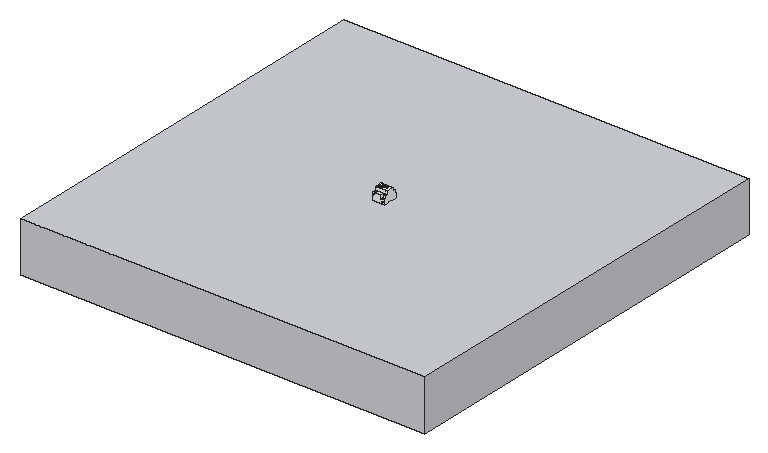
Revit family "GIRA_210800", category Elektroinstallationen, Revit 2017
Family settings
  Basisbauteil = Fläche
  Beschriftungsausrichtung beibehalten = Nein
  Bemaßung runder Anschluss = Durchmesser verwenden
  Teiletyp = Normal
  Beim Laden mit Abzugskörper schneiden = Nein
  Gemeinsam genutzt = Nein
  Raumberechnungspunkt = Nein
Parameters
  Default Elevation = 1219.2 mm
  Vor Ort-/Handbedienung YesNo = yes
  Vor Ort-/Handbedienung = yes
  Ventilschutzfunktion = no
  URL = "https://www.gira.de/"
  Typname = "DALI-Gateway Tunable WH Plus KNX REG"
  Stellgröße stetig = yes
  Stellgröße schaltend = no
  Spannung [Volt] = "[230:230]"
  Schutzart (IP) Text = "IP20"
  Schaltspannung [Volt] = "[110:230]"
  Produktseite = ""
  Parallel-Betrieb möglich = no
  Nebenstelleneingang = yes
  Montageart Text = "REG"
  Modulare Erweiterungsmöglichkeit = yes
  Mit LED-Anzeige YesNo = no
  Mit LED-Anzeige = no
  Mit Busankopplung YesNo = no
  Max. Schaltstrom (Ohmsche Last) = 1.5 A
  Max. Anzahl der Schaltausgänge = 8
  Max. Anzahl der Jalousieausgänge = 4
  Leistungszusatz verwendbar = no
  Lastart = "universal"
  IR-Schnittstelle = no
  Hersteller = "Gira"
  HeinzeBIM = ""
  Handschaltung = yes
  HAN = "210800"
  GTIN = "4010337032878"
  Funk bidirektional YesNo = no
  Funk bidirektional = no
  Frequenz [Hz] = "[50:60]"
  Demontageschutz = no
  Datenblatt = ""
  Bussystem Powernet YesNo = no
  Bussystem LON YesNo = no
  Bussystem KNX-Funk YesNo = no
  Bussystem KNX YesNo = yes
  Bussystem Funkbus YesNo = no
  Busmodul abnehmbar YesNo = no
  Busmodul abnehmbar = no
  Breite in Teilungseinheiten Number = 4
  Breite in Teilungseinheiten = 4
  Beschreibung = "KNX DALI-Gateway Tunable White Plus   Merkmale: - Steuern von Leuchten und anderen Anwendungen mit DALI-Betriebsgerät in KNX Installationen. - Einstellung der Farbtemperatur für Leuchten mit DALI Device Type 8 (Clour Type: Colour Temperatur) für Tunable White gemäß IEC 62386-209. - Kurzschlussschutz, Überspannungsschutz, Überlastschutz. - Schalten und Dimmen von maximal 64 Leuchten mit DALI-Betriebsgeräten. - Bis zu 6 unterschiedliche Adressierungsarten ermöglichen das gruppenorientierte und einzeladressierte Ansteuern von DALI-Leuchten über KNX Telegramme. - Bei Gruppenadressierung stehen bis zu 32 unabhängige DALI-Gruppen zur Verfügung. Diese können um 64 einzeladressierbare DALI-Gerätekanäle ergänzt werden. - Ansteuerung von DALI-Betriebsgeräten des Gerätetyps Colour Control\" (DALI Device Type 8, Colour Type: Colour Temperature) in der spezifischen Ausprägung \"Tunable White (TW)\". Steuerung der Farbtemperatur über relatives oder absolutes Dimmen und zusätzlich über Szenen und Effekte. - Zentralsteuerung aller angeschlossenen DALI-Komponenten möglich (Broadcast). - Handbetätigung unabhängig vom Bus (Baustellenbetrieb mit Broadcast-Steuerung). Steuerung des Schaltzustands und der Helligkeit. - Rückmeldungen von DALI-Fehlerstatus oder DALI-Kurzschluss und Meldung von Ausfall der Versorgungsspannung. - Zentrale Schaltfunktion. - Sammelrückmeldung aller Schaltzustände möglich. - 16 Lichtszenen. - Effektsteuerung zur Realisierung dynamischer Lichtstimmungen. 16 Effekte mit jeweils bis zu 16 Effekt-Schritten. Timer mit dem sich Effekte abhängig von Uhrzeit und Wochentag starten und stoppen lassen. Gruppen- und Gerätefunktionen: - Schalten und Helligkeitswert: Aktive oder passive Rückmeldefunktionen. - Einstellung der Helligkeitsgrenzwerte (Minimal- bzw. Maximalhelligkeit). - Dimmverhalten und Dimmkennlinien parametrierbar. - Lampenschonendes Ein- und Ausschalten. - Sperrfunktion oder Zwangsstellungsfunktion parametrierbar. - Zeitfunktionen (Ein-, Ausschaltverzögerung, Treppenhausfunktion - auch mit Vorwarnfunktion). - Betriebsstundenzähler. - DALI-Power-ON-Level und DALI-System-Failure-Level einstellbar. - Reaktionen bei Busspannungsausfall und -wiederkehr und nach ETS-Programmiervorgang einstellbar. - Steuerung der Farbtemperatur über absolutes Dimmen und relatives Dimmen, parametrierbares Dimmverhalten, minimale und maximale Farbtemperatur einstellbar, Rückmeldungen für aktuelle und ungültige Farbtemperatur. Betrieb von Notleuchten: - Einbindung des Geräts in DALI-Notlichtsysteme. Das DALI-Gateway ist in der Lage, DALI-Standardbetriebsgeräte für Beleuchtungssteuerungen gemäß IEC 62386-101 (DALI-System) und IEC 62386-102 (Control-Gear) als Notleuchte in zentralversorgte Notlichtsysteme zu integrieren. - Überwachung auf Ausfall der allgemeinen Spannungsversorgung. - Verhalten am Ende des Notbetriebs einstellbar. - Helligkeit und Farbtemperatur bei aktivem Notbetrieb einstellbar. ETS-Plug-in: - DALI-Inbetriebnahme ohne zusätzliche Softwarekomponenten. Das Identifizieren, Adressieren und Zuordnen von DALI-Betriebsgeräten erfolgt im ETS-Plug-in. - Zuordnen von Einzelgeräten zu Gruppen auch ohne Programmierverbindung zum Gerät. - Kompatibilitätsprüfung der DALI-Gerätetypen bei der Zuordnen von DALI-Betriebsgeräten. - Kompatibilitätsmodus zur Unterstützung nicht DALI-konformer Betriebsgeräte. - Partielle DALI-Inbetriebnahme. - Testfunktion aller angelegten DALI-Gruppen oder DALI-Betriebsgeräte. - Exportieren und Importieren einer Vorlage. - Druckfunktion zur Erstellung eines Reports.  Hinweise : - Betrieb von Notbeleuchtungsanlagen:   Die gesetzlichen und normativen Vorgaben sind länderspezifisch unterschiedlich. Es ist in jedem Fall durch den Anwender   Fachplaner zu prüfen, ob die spezifischen Vorgaben eingehalten werden. - VDE-Zulassung gemäß EN 60669-1, EN 60669-2-1. - Projektierung und Inbetriebnahme des Geräts ab ETS 4.2 oder ETS 5 (Empfehlung). - Der Gira AppShop ist der Marktplatz für interessante Lösungen und Anwendungen der intelligenten Gebäudetechnik. Inzwischen sind dort mehr als 200 Apps erhältlich, darunter Anwendungsbeschreibungen, Plug-ins, Funktionsvorlagen, Logikbausteine und Musterprojekte. Entdecken Sie jetzt Anwendungen für das KNX DALI-Gateway Tunable White Plus.   www.appshop.gira.de.\""
  Bemessungsstrom = 16 A
  BIM = ""
  Ausgangsleistung [Watt] = "[20:500]"
  Ausführung Text = "Medienkoppler"
  Anzahl der Ausgänge Number = 6
  Anzahl der Ausgänge = 2
  Andere Bussysteme Text = "sonstige"
Reference planes
  plane 1 "Center (Front/Back)": y = 0
  plane 2: z = 0
  plane 3 "Center (Left/Right)": x = 0
Forms (mm)
  Extrusion 1, solid
    sketch origin (0, 0, 0) x (1, 0, 0) y (0, 1, 0)
      loop
        line (-1219.2, 1219.2) -> (-1219.2, -1219.2) -> (1219.2, -1219.2) -> (1219.2, 1219.2) -> (-1219.2, 1219.2)
    from 0 to -304.8
  Extrusion 2, solid, material "White", detail levels fine
    sketch origin (0, 0, 0) x (0, 1, 0) y (0, 0, 1)
      loop
        line (45.125, -2.619) -> (45.125, 24.95) -> (33.875, 24.95) -> (33.875, 43.8) -> (22.575, 43.8) -> (22.575, 62.05)
        arc (22.575, 62.05) -> (22.311, 62.686) -> (21.675, 62.95) r 0.9
        line (21.675, 62.95) -> (-21.175, 62.95)
        arc (-21.175, 62.95) -> (-21.785, 62.758) -> (-22.175, 62.25) r 1.064
        line (-22.175, 62.25) -> (-22.175, 43.8) -> (-44.725, 43.8) -> (-44.725, -2.619)
        arc (-44.725, -2.619) -> (-31.081, -5.433) -> (-17.243, -7.049) r 160
        line (-17.243, -7.049) -> (-13.165, -1.734) -> (-16.399, -0.807) -> (-16.399, 0) -> (17.8, 0) -> (17.8, -1.4) -> (16.8, -1.4) -> (14.749, -4.952)
        arc (14.749, -4.952) -> (18.64, -6.184) -> (22.7, -6.6) r 20
        arc (22.7, -6.6) -> (33.983, -5.009) -> (45.125, -2.619) r 160
    from -36 to 36
  Extrusion 3, void, detail levels fine
    sketch origin (0, 0, 0) x (1, 0, 0) y (0, 1, 0)
      loop
        circle (30, 26.925) r 2.55
      loop
        circle (21.75, 26.925) r 2.55
      loop
        circle (12.75, 26.925) r 2.55
      loop
        circle (4.5, 26.925) r 2.55
      loop
        circle (-4.5, 26.925) r 2.55
      loop
        circle (-12.75, 26.925) r 2.55
      loop
        circle (-21.75, 26.925) r 2.55
      loop
        circle (-30, 26.925) r 2.55
    from 37.936 to 43.8
  Extrusion 4, void, detail levels fine
    sketch origin (0, 11.25, -18.85) x (1, 0, 0) y (0, 1, 0)
      loop
        circle (30, 26.925) r 2.55
      loop
        circle (21.75, 26.925) r 2.55
      loop
        circle (12.75, 26.925) r 2.55
      loop
        circle (4.5, 26.925) r 2.55
      loop
        circle (-4.5, 26.925) r 2.55
      loop
        circle (-12.75, 26.925) r 2.55
      loop
        circle (-21.75, 26.925) r 2.55
      loop
        circle (-30, 26.925) r 2.55
    from 37.936 to 43.8
  Extrusion 5, void, detail levels fine
    sketch origin (0, 0, 0) x (1, 0, 0) y (0, 1, 0)
      loop
        circle (-13, -3.875) r 3
      loop
        circle (-23, -3.875) r 3
      loop
        circle (-23, -13.875) r 3
      loop
        circle (-13, -13.875) r 3
      loop
        circle (-29, -3.875) r 1.575
      loop
        circle (-29, -13.875) r 1.575
      loop
        circle (-7, -13.875) r 1.575
      loop
        circle (-15.4, 5.325) r 1.625
      loop
        circle (-11, 5.325) r 1.575
      loop
        circle (-6.6, 5.325) r 1.625
      loop
        circle (-2.2, 5.325) r 1.625
      loop
        circle (2.2, 5.325) r 1.625
      loop
        circle (6.6, 5.325) r 1.625
      loop
        circle (11, 5.325) r 1.575
      loop
        circle (15.4, 5.325) r 1.625
    from 58.253 to 62.95
  Extrusion 6, void, detail levels fine
    sketch origin (0, 0, 0) x (1, 0, 0) y (0, 1, 0)
      loop
        line (-32.175, -32.6) -> (-32.175, -34.9) -> (-31.24, -34.36) -> (-31.401, -37.165) -> (-32.175, -36.7) -> (-32.175, -44.875) -> (-20.175, -44.875) -> (-20.175, -37.33) -> (-19.075, -37.965) -> (-19.075, -33.635) -> (-20.175, -34.27) -> (-20.175, -32.6) -> (-32.175, -32.6)
    from 28.5 to 43.8
  Extrusion 7, solid, detail levels fine
    sketch origin (0, 0, 0) x (1, 0, 0) y (0, 1, 0)
      loop
        circle (-29.375, -36.2) r 0.5
      loop
        circle (-23.575, -36.2) r 0.5
    from 28.5 to 37.5
  Extrusion 8, void, detail levels fine
    sketch origin (0, 0, 0) x (1, 0, 0) y (0, 1, 0)
      loop
        line (15.289, -31.489) -> (15.289, -44.875) -> (36, -44.875) -> (36, -31.489) -> (15.289, -31.489)
    from 25 to 43.8
  Extrusion 9, void, detail levels fine
    sketch origin (0, 0, 0) x (1, 0, 0) y (0, 1, 0)
      loop
        circle (21.75, -37.925) r 2.55
      loop
        circle (30, -37.925) r 2.55
    from 19.086 to 24.95
  Extrusion 10, void, detail levels fine
    sketch origin (0, 0, 0) x (1, 0, 0) y (0, 0, 1)
      loop
        line (32.368, 26.75) -> (32.35, 28.865) -> (32.319, 32.45) -> (27.731, 32.45) -> (27.682, 26.75) -> (32.368, 26.75)
      loop
        line (24.118, 26.75) -> (24.1, 28.865) -> (24.069, 32.45) -> (19.481, 32.45) -> (19.432, 26.75) -> (24.118, 26.75)
      loop
        line (15.118, 26.75) -> (15.1, 28.865) -> (15.069, 32.45) -> (10.481, 32.45) -> (10.432, 26.75) -> (15.118, 26.75)
      loop
        line (6.868, 26.75) -> (6.85, 28.865) -> (6.819, 32.45) -> (2.231, 32.45) -> (2.182, 26.75) -> (6.868, 26.75)
      loop
        line (-2.182, 26.75) -> (-2.2, 28.865) -> (-2.231, 32.45) -> (-6.819, 32.45) -> (-6.868, 26.75) -> (-2.182, 26.75)
      loop
        line (-10.432, 26.75) -> (-10.45, 28.865) -> (-10.481, 32.45) -> (-15.069, 32.45) -> (-15.118, 26.75) -> (-10.432, 26.75)
      loop
        line (-19.35, 26.75) -> (-19.369, 28.865) -> (-19.4, 32.45) -> (-23.987, 32.45) -> (-24.037, 26.75) -> (-19.35, 26.75)
      loop
        line (-27.682, 26.75) -> (-27.7, 28.865) -> (-27.731, 32.45) -> (-32.319, 32.45) -> (-32.368, 26.75) -> (-27.682, 26.75)
    from -29.206 to -33.875
  Extrusion 11, void, detail levels fine
    sketch origin (0, 11.25, -19.567) x (1, 0, 0) y (0, 0, 1)
      loop
        line (32.368, 26.75) -> (32.35, 28.865) -> (32.319, 32.45) -> (27.731, 32.45) -> (27.682, 26.75) -> (32.368, 26.75)
      loop
        line (24.118, 26.75) -> (24.1, 28.865) -> (24.069, 32.45) -> (19.481, 32.45) -> (19.432, 26.75) -> (24.118, 26.75)
      loop
        line (15.118, 26.75) -> (15.1, 28.865) -> (15.069, 32.45) -> (10.481, 32.45) -> (10.432, 26.75) -> (15.118, 26.75)
      loop
        line (6.868, 26.75) -> (6.85, 28.865) -> (6.819, 32.45) -> (2.231, 32.45) -> (2.182, 26.75) -> (6.868, 26.75)
      loop
        line (-2.182, 26.75) -> (-2.2, 28.865) -> (-2.231, 32.45) -> (-6.819, 32.45) -> (-6.868, 26.75) -> (-2.182, 26.75)
      loop
        line (-10.432, 26.75) -> (-10.45, 28.865) -> (-10.481, 32.45) -> (-15.069, 32.45) -> (-15.118, 26.75) -> (-10.432, 26.75)
      loop
        line (-19.35, 26.75) -> (-19.369, 28.865) -> (-19.4, 32.45) -> (-23.987, 32.45) -> (-24.037, 26.75) -> (-19.35, 26.75)
      loop
        line (-27.682, 26.75) -> (-27.7, 28.865) -> (-27.731, 32.45) -> (-32.319, 32.45) -> (-32.368, 26.75) -> (-27.682, 26.75)
    from -29.206 to -33.875
  Extrusion 12, void, detail levels fine
    sketch origin (0, 0, 0) x (1, 0, 0) y (0, 0, 1)
      loop
        line (32.319, 12.883) -> (27.731, 12.883) -> (27.682, 7.183) -> (32.368, 7.183) -> (32.35, 9.298) -> (32.319, 12.883)
      loop
        line (24.069, 12.883) -> (19.481, 12.883) -> (19.432, 7.183) -> (24.118, 7.183) -> (24.1, 9.298) -> (24.069, 12.883)
    from 40.588 to 44.725
  Extrusion 13, solid, material "White", detail levels fine
    sketch origin (0, 0, 0) x (1, 0, 0) y (0, 1, 0)
      loop
        circle (-15.4, 5.325) r 1.625
      loop
        circle (-11, 5.325) r 1.575
      loop
        circle (-6.6, 5.325) r 1.625
      loop
        circle (-2.2, 5.325) r 1.625
      loop
        circle (2.2, 5.325) r 1.625
      loop
        circle (6.6, 5.325) r 1.625
      loop
        circle (11, 5.325) r 1.575
      loop
        circle (15.4, 5.325) r 1.625
      loop
        circle (-29, -3.875) r 1.575
      loop
        circle (-29, -13.875) r 1.575
      loop
        circle (-7, -13.875) r 1.575
    from 58.253 to 62.25
  Extrusion 14, solid, material "White", detail levels fine
    sketch origin (0, 0, 0) x (1, 0, 0) y (0, 1, 0)
      loop
        circle (-23, -3.875) r 3
      loop
        circle (-13, -3.875) r 3
      loop
        circle (-23, -13.875) r 3
      loop
        circle (-13, -13.875) r 3
    from 58.253 to 63.841
  Extrusion 15, solid, material "White", detail levels medium
    sketch origin (0, 0, 0) x (0, 1, 0) y (0, 0, 1)
      loop
        line (45.125, -7.049) -> (45.125, 24.95) -> (33.875, 24.95) -> (33.875, 43.8) -> (22.575, 43.8) -> (22.575, 63.841) -> (-22.175, 63.841) -> (-22.175, 43.8) -> (-44.725, 43.8) -> (-44.725, -7.049) -> (45.125, -7.049)
    from -36 to 36
  Extrusion 16, solid, material "White", detail levels coarse
    sketch origin (0, 0, 0) x (0, 1, 0) y (0, 0, 1)
      loop
        line (45.125, -7.049) -> (45.125, 63.841) -> (-44.725, 63.841) -> (-44.725, -7.049) -> (45.125, -7.049)
    from -36 to 36
Cuts and joins
  Extrusion 3, Extrusion 4, Extrusion 5, Extrusion 6, Extrusion 8, Extrusion 9, Extrusion 10, Extrusion 11, Extrusion 12 cuts Extrusion 2
Dimensions and locks
  aligned and locked: plane 2 to Extrusion 1
  aligned and locked: level to Extrusion 1
